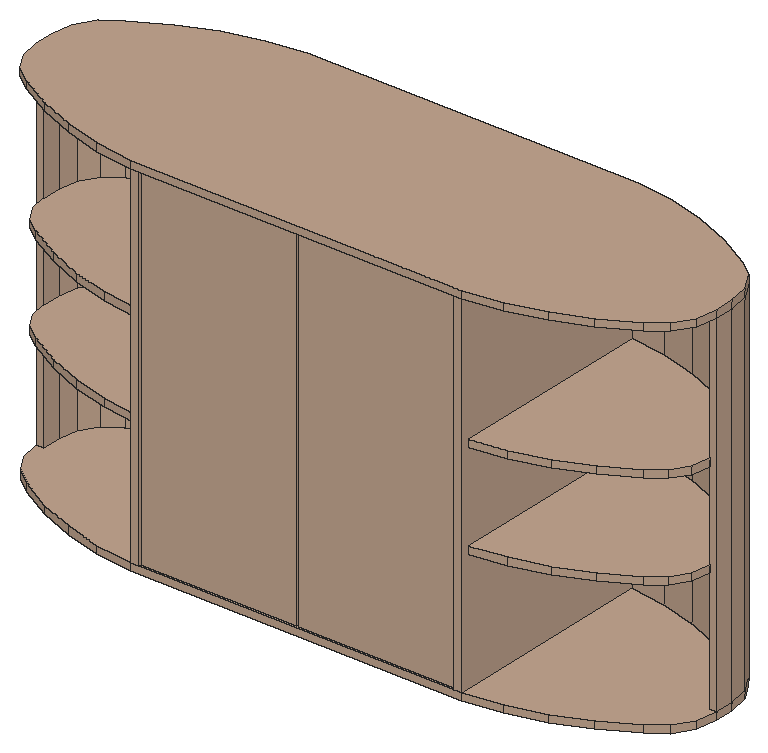
Revit family
Parameters (values of type "1849 x 600 mm")
  Material of Cabinet = Cabinet Material
  Length = 900 mm
  Height of Shelf = 370 mm
  Height = 980 mm
Reference planes
  plane 1 "Center (Front/Back)": y = 0
  plane 2: z = 0
  plane 3 "Center (Left/Right)": x = 0
  plane 4: y = 300
  plane 5: y = -300
  plane 6: x = -450
  plane 7: x = 450
  plane 8: z = 980
  plane 9: z = 370
  plane 10: z = 610
Forms (mm)
  Extrusion 1, solid, material "Cabinet Material" <- "Material of Cabinet"
    sketch origin (0, 0, 0) x (1, 0, 0) y (0, 1, 0)
      loop
        line (-450, 300) -> (-552.452, 285.197) -> (-652.266, 257.761) -> (-747.89, 218.116) -> (-837.837, 166.88) -> (-884.279, 131.9) -> (-914.924, 82.489) -> (-924.451, 25.294) -> (-924.451, -25.294) -> (-914.924, -82.489) -> (-884.279, -131.9) -> (-837.837, -166.88) -> (-747.89, -218.116) -> (-652.266, -257.761) -> (-552.452, -285.197) -> (-450, -300) -> (450, -300) -> (552.452, -285.197) -> (652.266, -257.761) -> (747.89, -218.116) -> (837.837, -166.88) -> (884.279, -131.9) -> (914.924, -82.489) -> (924.451, -25.294) -> (924.451, 25.294) -> (914.924, 82.489) -> (884.279, 131.9) -> (837.837, 166.88) -> (747.89, 218.116) -> (652.266, 257.761) -> (552.452, 285.197) -> (450, 300) -> (-450, 300)
    from 0 to 20
  Extrusion 2, solid, material "Cabinet Material" <- "Material of Cabinet"
    sketch origin (0, 0, 0) x (1, 0, 0) y (0, 1, 0)
      loop
        line (-924.451, 25.294) -> (-924.451, -25.294) -> (-904.451, -25.294) -> (-904.451, 23.64) -> (-895.845, 75.305) -> (-869.256, 118.177) -> (-826.826, 150.135) -> (-739.076, 200.119) -> (-645.761, 238.807) -> (-548.356, 265.581) -> (-448.563, 280) -> (448.563, 280) -> (548.356, 265.581) -> (645.761, 238.807) -> (739.076, 200.119) -> (826.826, 150.135) -> (869.256, 118.177) -> (895.845, 75.305) -> (904.451, 23.64) -> (904.451, -25.294) -> (924.451, -25.294) -> (924.451, 25.294) -> (914.924, 82.489) -> (884.279, 131.9) -> (837.837, 166.88) -> (747.89, 218.116) -> (652.266, 257.761) -> (552.452, 285.197) -> (450, 300) -> (-450, 300) -> (-552.452, 285.197) -> (-652.266, 257.761) -> (-747.89, 218.116) -> (-837.837, 166.88) -> (-884.279, 131.9) -> (-914.924, 82.489) -> (-924.451, 25.294)
    from 20 to 980
  Extrusion 3, solid, material "Cabinet Material" <- "Material of Cabinet"
    sketch origin (0, 0, 980) x (0, -1, 0) y (-1, 0, 0)
      loop
        line (131.9, 884.279) -> (82.489, 914.924) -> (25.294, 924.451) -> (-25.294, 924.451) -> (-82.489, 914.924) -> (-131.9, 884.279) -> (-166.88, 837.837) -> (-218.116, 747.89) -> (-257.761, 652.266) -> (-285.197, 552.452) -> (-300, 450) -> (-300, -450) -> (-285.197, -552.452) -> (-257.761, -652.266) -> (-218.116, -747.89) -> (-166.88, -837.837) -> (-131.9, -884.279) -> (-82.489, -914.924) -> (-25.294, -924.451) -> (25.294, -924.451) -> (82.489, -914.924) -> (131.9, -884.279) -> (166.88, -837.837) -> (218.116, -747.89) -> (257.761, -652.266) -> (285.197, -552.452) -> (300, -450) -> (300, 450) -> (285.197, 552.452) -> (257.761, 652.266) -> (218.116, 747.89) -> (166.88, 837.837) -> (131.9, 884.279)
    from 0 to -20
  Extrusion 4, solid, material "Cabinet Material" <- "Material of Cabinet"
    sketch origin (0, 0, 0) x (1, 0, 0) y (0, 1, 0)
      loop
        line (-448.563, 280) -> (-448.563, -300) -> (-428.563, -300) -> (-428.563, 260) -> (430, 260) -> (430, -300) -> (450, -300) -> (450, 280) -> (-448.563, 280)
    from 20 to 980
  Extrusion 5, solid, material "Cabinet Material" <- "Material of Cabinet"
    sketch origin (0, 0, 0) x (1, 0, 0) y (0, 1, 0)
      loop
        line (-428.563, -292.595) -> (-3.661, -292.595) -> (-3.661, -277.785) -> (-428.563, -277.785) -> (-428.563, -292.595)
      loop
        line (430, -292.595) -> (430, -277.785) -> (1.89, -277.785) -> (1.89, -292.595) -> (430, -292.595)
    from 20 to 980
  Extrusion 6, solid, material "Cabinet Material" <- "Material of Cabinet"
    sketch origin (0, 0, 370) x (-1, 0, 0) y (0, -1, 0)
      loop
        line (904.451, 23.64) -> (895.845, 75.305) -> (869.256, 118.177) -> (826.826, 150.135) -> (739.076, 200.119) -> (645.761, 238.807) -> (548.356, 265.581) -> (448.563, 280) -> (448.563, -280) -> (548.356, -265.581) -> (645.761, -238.807) -> (739.076, -200.119) -> (826.826, -150.135) -> (869.256, -118.177) -> (895.845, -75.305) -> (904.451, -23.64) -> (904.451, 23.64)
      loop
        line (-904.451, 23.64) -> (-904.451, -23.64) -> (-895.845, -75.305) -> (-869.256, -118.177) -> (-826.826, -150.135) -> (-739.076, -200.119) -> (-645.761, -238.807) -> (-548.356, -265.581) -> (-448.563, -280) -> (-448.563, 280) -> (-548.356, 265.581) -> (-645.761, 238.807) -> (-739.076, 200.119) -> (-826.826, 150.135) -> (-869.256, 118.177) -> (-895.845, 75.305) -> (-904.451, 23.64)
    from 0 to -20
  Extrusion 7, solid, material "Cabinet Material" <- "Material of Cabinet"
    sketch origin (0, 0, 610) x (-1, 0, 0) y (0, -1, 0)
      loop
        line (904.451, 23.64) -> (895.845, 75.305) -> (869.256, 118.177) -> (826.826, 150.135) -> (739.076, 200.119) -> (645.761, 238.807) -> (548.356, 265.581) -> (448.563, 280) -> (448.563, -280) -> (548.356, -265.581) -> (645.761, -238.807) -> (739.076, -200.119) -> (826.826, -150.135) -> (869.256, -118.177) -> (895.845, -75.305) -> (904.451, -23.64) -> (904.451, 23.64)
      loop
        line (-904.451, 23.64) -> (-904.451, -23.64) -> (-895.845, -75.305) -> (-869.256, -118.177) -> (-826.826, -150.135) -> (-739.076, -200.119) -> (-645.761, -238.807) -> (-548.356, -265.581) -> (-448.563, -280) -> (-448.563, 280) -> (-548.356, 265.581) -> (-645.761, 238.807) -> (-739.076, 200.119) -> (-826.826, 150.135) -> (-869.256, 118.177) -> (-895.845, 75.305) -> (-904.451, 23.64)
    from 0 to 20
Dimensions and locks
  equal spacing: plane 6, plane 3 "Center (Left/Right)", plane 7
  "Length": plane 6 to plane 7
  "Height": plane 8 to level
  "Height of Shelf": plane 9 to level
  "Height of Shelf": plane 8 to plane 10
  Extrusion 3 to Extrusion 3 = 1848.903 mm
  Extrusion 3 to Extrusion 3 = 600 mm
  aligned and locked: plane 6 to Extrusion 1 sketch curve
  aligned and locked: Extrusion 1 sketch curve to plane 4
  aligned and locked: Extrusion 2 sketch curve to Extrusion 1
  aligned and locked: plane 8 to Extrusion 2
  aligned and locked: Extrusion 3 sketch curve to Extrusion 1  (x8)
  aligned and locked: Extrusion 3 sketch curve to Extrusion 2  (x9)
  aligned and locked: Extrusion 3 to Extrusion 2
  aligned and locked: Extrusion 2 to Extrusion 4 sketch curve
  aligned and locked: Extrusion 4 sketch curve to Extrusion 2
  aligned and locked: Extrusion 1 to Extrusion 4 sketch curve
  aligned and locked: Extrusion 4 sketch curve to Extrusion 1
  aligned and locked: Extrusion 2 to Extrusion 4
  aligned and locked: Extrusion 4 to Extrusion 5 sketch curve
  aligned and locked: Extrusion 2 to Extrusion 5
  aligned and locked: Extrusion 2 to Extrusion 6 sketch curve
  aligned and locked: Extrusion 6 sketch curve to Extrusion 2  (x7)
  aligned and locked: Extrusion 6 sketch curve to Extrusion 4
  aligned and locked: Extrusion 2 to Extrusion 7 sketch curve
  aligned and locked: Extrusion 7 sketch curve to Extrusion 2  (x7)
  aligned and locked: Extrusion 7 sketch curve to Extrusion 4
Automatic sketch dimensions
  Extrusion 1 sketch curve to plane 5 = 0 mm
  Extrusion 1 sketch curve to plane 6 = 0 mm
  Extrusion 1 sketch curve to plane 4 = 14.803 mm  (x2)
  Extrusion 1 sketch curve to plane 6 = 102.452 mm  (x2)
  plane 5 to Extrusion 1 sketch curve = 14.803 mm  (x2)
  Extrusion 1 sketch curve to plane 4 = 42.239 mm  (x2)
  Extrusion 1 sketch curve to Extrusion 1 sketch curve = 99.814 mm  (x4)
  plane 5 to Extrusion 1 sketch curve = 42.239 mm  (x2)
  Extrusion 1 sketch curve to Extrusion 1 sketch curve = 95.624 mm  (x4)
  plane 5 to Extrusion 1 sketch curve = 81.884 mm  (x2)
  Extrusion 1 sketch curve to Extrusion 1 sketch curve = 51.236 mm  (x2)
  Extrusion 1 sketch curve to Extrusion 1 sketch curve = 34.981 mm  (x4)
  Extrusion 1 sketch curve to Extrusion 1 sketch curve = 49.411 mm  (x4)
  plane 1 "Center (Front/Back)" to Extrusion 1 sketch curve = 25.294 mm  (x2)
  Extrusion 1 sketch curve to plane 1 "Center (Front/Back)" = 25.294 mm  (x2)
  Extrusion 1 sketch curve to Extrusion 1 sketch curve = 57.195 mm  (x2)
  Extrusion 1 sketch curve to plane 4 = 81.884 mm  (x2)
  plane 7 to Extrusion 1 sketch curve = 102.452 mm  (x2)
  Extrusion 1 sketch curve to plane 7 = 0 mm  (x2)
  Extrusion 1 sketch curve to Extrusion 1 sketch curve = 89.947 mm  (x4)
  Extrusion 1 sketch curve to Extrusion 1 sketch curve = 46.442 mm  (x4)
  Extrusion 1 sketch curve to Extrusion 1 sketch curve = 30.645 mm  (x4)
  Extrusion 1 sketch curve to Extrusion 1 sketch curve = 9.527 mm  (x2)
  Extrusion 2 sketch curve to plane 7 = 0 mm
  Extrusion 2 sketch curve to Extrusion 2 sketch curve = 20 mm  (x2)
  Extrusion 2 sketch curve to plane 1 "Center (Front/Back)" = 75.305 mm  (x2)
  Extrusion 2 sketch curve to Extrusion 2 sketch curve = 19.079 mm  (x2)
  Extrusion 2 sketch curve to plane 1 "Center (Front/Back)" = 118.177 mm  (x2)
  Extrusion 2 sketch curve to Extrusion 2 sketch curve = 15.023 mm  (x2)
  Extrusion 2 sketch curve to plane 4 = 149.865 mm  (x2)
  Extrusion 2 sketch curve to Extrusion 2 sketch curve = 11.011 mm  (x2)
  Extrusion 2 sketch curve to plane 4 = 99.881 mm  (x2)
  Extrusion 2 sketch curve to Extrusion 2 sketch curve = 8.814 mm  (x2)
  Extrusion 2 sketch curve to plane 4 = 61.193 mm  (x2)
  Extrusion 2 sketch curve to Extrusion 2 sketch curve = 6.506 mm  (x2)
  Extrusion 2 sketch curve to plane 4 = 34.419 mm  (x2)
  Extrusion 2 sketch curve to Extrusion 2 sketch curve = 4.096 mm  (x2)
  plane 6 to Extrusion 2 sketch curve = 1.437 mm
  Extrusion 2 sketch curve to plane 7 = 1.437 mm
  plane 7 to Extrusion 2 sketch curve = 98.356 mm
  Extrusion 2 sketch curve to plane 4 = 14.803 mm  (x2)
  Extrusion 2 sketch curve to Extrusion 2 sketch curve = 97.405 mm  (x2)
  Extrusion 2 sketch curve to plane 4 = 42.239 mm
  Extrusion 2 sketch curve to Extrusion 2 sketch curve = 93.316 mm  (x2)
  Extrusion 2 sketch curve to plane 4 = 81.884 mm
  Extrusion 2 sketch curve to Extrusion 2 sketch curve = 87.75 mm  (x2)
  Extrusion 2 sketch curve to plane 4 = 133.12 mm
  Extrusion 2 sketch curve to Extrusion 2 sketch curve = 42.43 mm  (x2)
  Extrusion 2 sketch curve to plane 1 "Center (Front/Back)" = 131.9 mm
  Extrusion 2 sketch curve to Extrusion 2 sketch curve = 26.589 mm  (x2)
  Extrusion 2 sketch curve to plane 1 "Center (Front/Back)" = 23.64 mm  (x2)
  Extrusion 2 sketch curve to Extrusion 2 sketch curve = 8.606 mm  (x2)
  Extrusion 2 sketch curve to plane 1 "Center (Front/Back)" = 82.489 mm
  Extrusion 2 sketch curve to Extrusion 2 sketch curve = 1.654 mm  (x2)
  plane 1 "Center (Front/Back)" to Extrusion 2 sketch curve = 25.294 mm
  Extrusion 2 sketch curve to plane 4 = 20 mm
  Extrusion 2 sketch curve to plane 4 = 0 mm
  Extrusion 2 sketch curve to plane 6 = 0 mm
  Extrusion 2 sketch curve to plane 6 = 98.356 mm
  Extrusion 2 sketch curve to Extrusion 2 sketch curve = 7.184 mm
  Extrusion 2 sketch curve to Extrusion 2 sketch curve = 13.723 mm
  Extrusion 2 sketch curve to Extrusion 2 sketch curve = 16.745 mm
  Extrusion 2 sketch curve to Extrusion 2 sketch curve = 17.997 mm
  Extrusion 2 sketch curve to Extrusion 2 sketch curve = 18.954 mm
  Extrusion 3 sketch curve to plane 7 = 0 mm  (x2)
  Extrusion 3 sketch curve to plane 4 = 14.803 mm
  Extrusion 3 sketch curve to plane 4 = 42.239 mm
  Extrusion 3 sketch curve to plane 4 = 81.884 mm
  Extrusion 3 sketch curve to Extrusion 3 sketch curve = 51.236 mm
  Extrusion 3 sketch curve to Extrusion 3 sketch curve = 34.981 mm  (x2)
  Extrusion 3 sketch curve to Extrusion 3 sketch curve = 49.411 mm  (x2)
  Extrusion 3 sketch curve to plane 1 "Center (Front/Back)" = 25.294 mm
  plane 1 "Center (Front/Back)" to Extrusion 3 sketch curve = 25.294 mm
  Extrusion 3 sketch curve to Extrusion 3 sketch curve = 57.195 mm
  plane 5 to Extrusion 3 sketch curve = 81.884 mm
  plane 5 to Extrusion 3 sketch curve = 42.239 mm
  plane 5 to Extrusion 3 sketch curve = 14.803 mm
  plane 7 to Extrusion 3 sketch curve = 102.452 mm  (x2)
  Extrusion 3 sketch curve to Extrusion 3 sketch curve = 99.814 mm  (x2)
  Extrusion 3 sketch curve to Extrusion 3 sketch curve = 95.624 mm  (x2)
  Extrusion 3 sketch curve to Extrusion 3 sketch curve = 89.947 mm  (x2)
  Extrusion 3 sketch curve to Extrusion 3 sketch curve = 46.442 mm  (x2)
  Extrusion 3 sketch curve to Extrusion 3 sketch curve = 30.645 mm  (x2)
  Extrusion 3 sketch curve to Extrusion 3 sketch curve = 9.527 mm
  plane 6 to Extrusion 4 sketch curve = 21.437 mm
  Extrusion 4 sketch curve to plane 7 = 20 mm
  Extrusion 4 sketch curve to Extrusion 4 sketch curve = 20 mm
  Extrusion 4 sketch curve to plane 5 = 0 mm
  Extrusion 5 sketch curve to plane 3 "Center (Left/Right)" = 3.661 mm
  plane 3 "Center (Left/Right)" to Extrusion 5 sketch curve = 1.89 mm
  Extrusion 5 sketch curve to plane 7 = 20 mm
  plane 5 to Extrusion 5 sketch curve = 7.405 mm
  Extrusion 5 sketch curve to Extrusion 5 sketch curve = 0 mm  (x2)
  Extrusion 5 sketch curve to Extrusion 5 sketch curve = 14.81 mm
  plane 5 to Extrusion 6 sketch curve = 34.419 mm  (x2)
  Extrusion 6 sketch curve to plane 6 = 98.356 mm
  plane 5 to Extrusion 6 sketch curve = 61.193 mm  (x2)
  Extrusion 6 sketch curve to Extrusion 6 sketch curve = 97.405 mm  (x3)
  plane 5 to Extrusion 6 sketch curve = 99.881 mm  (x2)
  Extrusion 6 sketch curve to Extrusion 6 sketch curve = 93.316 mm  (x3)
  plane 5 to Extrusion 6 sketch curve = 149.865 mm  (x2)
  Extrusion 6 sketch curve to Extrusion 6 sketch curve = 87.75 mm  (x3)
  plane 1 "Center (Front/Back)" to Extrusion 6 sketch curve = 118.177 mm  (x2)
  Extrusion 6 sketch curve to Extrusion 6 sketch curve = 42.43 mm  (x3)
  plane 1 "Center (Front/Back)" to Extrusion 6 sketch curve = 75.305 mm  (x2)
  Extrusion 6 sketch curve to Extrusion 6 sketch curve = 26.589 mm  (x3)
  plane 1 "Center (Front/Back)" to Extrusion 6 sketch curve = 23.64 mm  (x2)
  plane 5 to Extrusion 6 sketch curve = 20 mm  (x2)
  Extrusion 6 sketch curve to plane 7 = 1.437 mm
  Extrusion 6 sketch curve to plane 4 = 34.419 mm
  plane 7 to Extrusion 6 sketch curve = 98.356 mm  (x2)
  Extrusion 6 sketch curve to plane 4 = 61.193 mm
  Extrusion 6 sketch curve to plane 4 = 99.881 mm
  Extrusion 6 sketch curve to plane 4 = 149.865 mm
  Extrusion 6 sketch curve to plane 1 "Center (Front/Back)" = 118.177 mm
  Extrusion 6 sketch curve to plane 1 "Center (Front/Back)" = 75.305 mm
  Extrusion 6 sketch curve to plane 1 "Center (Front/Back)" = 23.64 mm
  Extrusion 6 sketch curve to Extrusion 6 sketch curve = 8.606 mm
  Extrusion 6 sketch curve to plane 4 = 20 mm
  plane 5 to Extrusion 7 sketch curve = 20 mm  (x2)
  plane 1 "Center (Front/Back)" to Extrusion 7 sketch curve = 23.64 mm  (x2)
  plane 5 to Extrusion 7 sketch curve = 34.419 mm  (x2)
  Extrusion 7 sketch curve to plane 6 = 98.356 mm
  plane 5 to Extrusion 7 sketch curve = 61.193 mm  (x2)
  Extrusion 7 sketch curve to Extrusion 7 sketch curve = 97.405 mm  (x3)
  plane 5 to Extrusion 7 sketch curve = 99.881 mm  (x2)
  Extrusion 7 sketch curve to Extrusion 7 sketch curve = 93.316 mm  (x3)
  plane 5 to Extrusion 7 sketch curve = 149.865 mm  (x2)
  Extrusion 7 sketch curve to Extrusion 7 sketch curve = 87.75 mm  (x3)
  plane 1 "Center (Front/Back)" to Extrusion 7 sketch curve = 118.177 mm  (x2)
  Extrusion 7 sketch curve to Extrusion 7 sketch curve = 42.43 mm  (x3)
  plane 1 "Center (Front/Back)" to Extrusion 7 sketch curve = 75.305 mm  (x2)
  Extrusion 7 sketch curve to Extrusion 7 sketch curve = 26.589 mm  (x3)
  Extrusion 7 sketch curve to plane 7 = 1.437 mm
  plane 7 to Extrusion 7 sketch curve = 98.356 mm  (x2)
  Extrusion 7 sketch curve to plane 4 = 34.419 mm
  Extrusion 7 sketch curve to plane 4 = 61.193 mm
  Extrusion 7 sketch curve to plane 4 = 99.881 mm
  Extrusion 7 sketch curve to plane 4 = 149.865 mm
  Extrusion 7 sketch curve to plane 1 "Center (Front/Back)" = 118.177 mm
  Extrusion 7 sketch curve to plane 1 "Center (Front/Back)" = 75.305 mm
  Extrusion 7 sketch curve to Extrusion 7 sketch curve = 8.606 mm
  Extrusion 7 sketch curve to plane 4 = 20 mm
  Extrusion 7 sketch curve to plane 1 "Center (Front/Back)" = 23.64 mm
